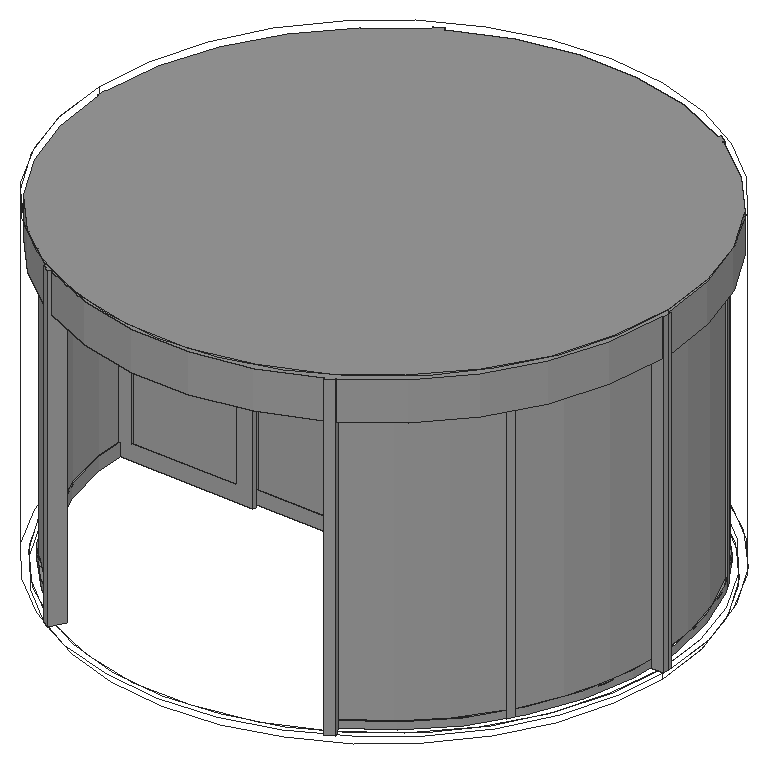
Revit family "RevolvingDoor-dormakaba-KTC_2_Automatic_CurtainPanel", category Türen, Revit 2018
Family settings
  OmniClass-Nummer = 23.30.10.17.21
  OmniClass-Titel = Revolving Doors
  Immer vertikal = Ja
  Beim Laden mit Abzugskörper schneiden = Nein
  Gemeinsam genutzt = Nein
  Raumberechnungspunkt = Nein
Parameters (values of type "D4200 Without Showcase - Stainless Steel Finish")
  Youtube clip = ""
  URL = "http://www.dorma.com/au/en/products/opening_closing/revolving_doors/ktc-2_en/index-16490-16605-29685.html"
  Typenbild = RevolvingDoor-dormakaba-KTC_2_Automatic_WOShowcase_DoorClose.jpg
  Typenkommentare = "Adjust Passage Height (PH) and Canopy Height (CH) to suit"
  Technical description = "https://www.dormakaba.com/resource/blob/179742/3bf65e0c622921a63a9846dfcf28808c/ktc-2-technical-brochure-0813-pdf-data.pdf"
  Sliding Door in OPEN position = not(Sliding Door in CLOSE position)  # no
  Sliding Door in CLOSE position = yes
  Product url = "https://www.dormakaba.com/au-en/products---solutions/products/entrance-systems/revolving-doors/ktc-2-299914"
  Product group = "Revolving Doors"
  Product family = "Doors"
  Product certification = "https://www.dormakaba.com/resource/blob/141262/d8a7a64882db232bbccb94bcdbe00ae8/certificate-ktc-2---din-en-pdf-data.pdf"
  Product SKU = "RD_KTC2"
  Product Brochure = "http://products.dorma.com/content/download/12650/108674/KTC_2_Technical_Brochure_0813.pdf"
  Power Supply = "240V 15Amp Single Phase to the top of canopy"
  Passage Height Range = "2100mm to 3000mm (depending on Internal Diameter, refer Dormakaba catalogue for detail)"
  Passage Height PH (mm) = 2200 mm
  Overall Height H (mm) = Height Limit Control + Canopy Height Limit Control  # 2500 mm
  Nominal width = 0 mm
  Nominal height = 0 mm
  Modell = "KTC-2 Revolving Door"
  Material secondary = "Glass"
  Material main = "Aluminium"
  Manufacturer name = "dormakaba"
  Manufacturer country = "China"
  Hersteller = "dormakaba"
  Internal Diameter Range = "3600, 4200, 4800, 5400mm"
  Internal Diameter Limit Control = if([Internal Diameter D (mm)] < 3600 mm, 3600 mm, if([Internal Diameter D (mm)] > 5400 mm, 5400 mm, [Internal Diameter D (mm)]))  # 4200 mm
  Internal Diameter D (mm) = 4200 mm
  Installation instructions = ""
  Height Limit Control = if([Passage Height PH (mm)] < 2100 mm, 2100 mm, if([Passage Height PH (mm)] > 3000 mm, 3000 mm, [Passage Height PH (mm)]))  # 2200 mm
  Glazing Material = Glass-dormakaba-ClearSafety
  Funktion = Außen
  Finish - Powdercoated Aluminium = not([Finish - Stainless Steel Cladding])  # no
  Finish - Stainless Steel Cladding = yes
  Finish = StainlessSteel-dormakaba-Cladding
  Facade Vertical Opening (mm) = [Overall Height H (mm)] + 40 mm  # 2540 mm
  Facade Opening Clearance Zone = yes
  Facade Horizontal Opening (mm) = [External Diameter B1 (mm)] + 20 mm  # 4466 mm
  External Diameter B1 (mm) = if([Finish - Stainless Steel Cladding], Internal Diameter Limit Control + 246 mm, Internal Diameter Limit Control + 241 mm)  # 4446 mm
  Edition number = 1
  EAN code = ""
  Door Foundation Diameter (mm) = Internal Diameter Limit Control + 165 mm  # 4365 mm
  Door Foundation Clearance Zone = yes
  Design country = "Germany"
  Beschreibung = "Revolving doors two-wing design - A sophisticated entrance system offering both safety and ease of access. High traffic capacity, very effective during peak traffic periods, while also offering unbeatable safety. And there are major additional benefits to be had from the suitability of these doors as display and advertising spaces."
  Date of publishing = ""
  Konstruktionstyp = "Dorma KTC-2 Revolving Door Automatic Operation"
  Clear Opening Width A (mm) = 1618 mm + (Internal Diameter Limit Control - 3600 mm) / 2  # 1918 mm
  Canopy Height Range = "300mm to 700mm"
  Canopy Height Limit Control = if([Canopy Height CH (mm)] < 300 mm, 300 mm, if([Canopy Height CH (mm)] > 700 mm, 700 mm, [Canopy Height CH (mm)]))  # 300 mm
  Canopy Height CH (mm) = 300 mm
  Brand url = "http://www.dormakaba.com"
  Baugruppenkennzeichen = "B2030300"
  With Showcase = not(Without Showcase)  # no
  Without Showcase = yes
Types (13, lengths in mm): name | Typenbild | Internal Diameter Limit Control | Internal Diameter D (mm) | Finish - Powdercoated Aluminium | Finish - Stainless Steel Cladding | Finish | Facade Horizontal Opening (mm) | External Diameter B1 (mm) | Door Foundation Diameter (mm) | Clear Opening Width A (mm) | With Showcase | Without Showcase
  (no name) | RevolvingDoor-dormakaba-KTC_2_Automatic_WOShowcase_DoorClose.jpg | 4200 | 4200 | no | yes | StainlessSteel-dormakaba-Cladding | 4466 | 4446 | 4365 | 1918 | no | yes
  D3600 Without Showcase - Stainless Steel Finish | RevolvingDoor-dormakaba-KTC_2_Automatic_WOShowcase_DoorClose.jpg | 3600 | 3600 | no | yes | StainlessSteel-dormakaba-Cladding | 3866 | 3846 | 3765 | 1618 | no | yes
  D4200 Without Showcase - Stainless Steel Finish | RevolvingDoor-dormakaba-KTC_2_Automatic_WOShowcase_DoorClose.jpg | 4200 | 4200 | no | yes | StainlessSteel-dormakaba-Cladding | 4466 | 4446 | 4365 | 1918 | no | yes
  D3600 With Showcase - Stainless Steel Finish | RevolvingDoor-dormakaba-KTC_2_Automatic_WShowcase_DoorClose.jpg | 3600 | 3600 | no | yes | StainlessSteel-dormakaba-Cladding | 3866 | 3846 | 3765 | 1618 | yes | no
  D4200 With Showcase - Stainless Steel Finish | RevolvingDoor-dormakaba-KTC_2_Automatic_WShowcase_DoorClose.jpg | 4200 | 4200 | no | yes | StainlessSteel-dormakaba-Cladding | 4466 | 4446 | 4365 | 1918 | yes | no
  D4800 With Showcase - Stainless Steel Finish | RevolvingDoor-dormakaba-KTC_2_Automatic_WShowcase_DoorClose.jpg | 4800 | 4800 | no | yes | StainlessSteel-dormakaba-Cladding | 5066 | 5046 | 4965 | 2218 | yes | no
  D5400 With Showcase - Stainless Steel Finish | RevolvingDoor-dormakaba-KTC_2_Automatic_WShowcase_DoorClose.jpg | 5400 | 5400 | no | yes | StainlessSteel-dormakaba-Cladding | 5666 | 5646 | 5565 | 2518 | yes | no
  D3600 With Showcase - Powdercoat Finish | RevolvingDoor-dormakaba-KTC_2_Automatic_WShowcase_DoorClose.jpg | 3600 | 3600 | yes | no | Aluminium-dormakaba-Powdercoated | 3861 | 3841 | 3765 | 1618 | yes | no
  D3600 Without Showcase - Powdercoat Finish | RevolvingDoor-dormakaba-KTC_2_Automatic_WOShowcase_DoorClose.jpg | 3600 | 3600 | yes | no | Aluminium-dormakaba-Powdercoated | 3861 | 3841 | 3765 | 1618 | no | yes
  D4200 With Showcase - Powdercoat Finish | RevolvingDoor-dormakaba-KTC_2_Automatic_WShowcase_DoorClose.jpg | 4200 | 4200 | yes | no | Aluminium-dormakaba-Powdercoated | 4461 | 4441 | 4365 | 1918 | yes | no
  D4200 Without Showcase - Powdercoat Finish | RevolvingDoor-dormakaba-KTC_2_Automatic_WOShowcase_DoorClose.jpg | 4200 | 4200 | yes | no | Aluminium-dormakaba-Powdercoated | 4461 | 4441 | 4365 | 1918 | no | yes
  D4800 With Showcase - Powdercoat Finish | RevolvingDoor-dormakaba-KTC_2_Automatic_WShowcase_DoorClose.jpg | 4800 | 4800 | yes | no | Aluminium-dormakaba-Powdercoated | 5061 | 5041 | 4965 | 2218 | yes | no
  D5400 With Showcase - Powdercoat Finish | RevolvingDoor-dormakaba-KTC_2_Automatic_WShowcase_DoorClose.jpg | 5400 | 5400 | yes | no | Aluminium-dormakaba-Powdercoated | 5661 | 5641 | 5565 | 2518 | yes | no
Reference planes
  plane 1 "Center (Front/Back)": y = 0
  plane 2: z = 0
  plane 3 "Center (Left/Right)": x = 0
  plane 4 "Left": x = -1500
  plane 5 "Right": x = 1500
  plane 6 "Top": z = 4000
Text (mm)
  text "Exterior" at (-2473.113, -575.525, 0), in view "Ref. Level"
  text "Exterior" at (0, 2290.741, 4406.713), in view "Left"
  text "Exterior" at (0, 1328.187, 4120.349), in view "Right"
Dimensions and locks
  equal spacing: plane 4 "Left", plane 3 "Center (Left/Right)", plane 5 "Right"
  aligned and locked: level to plane 2
  aligned and locked: nested 1 to plane 3 "Center (Left/Right)"
  aligned and locked: nested 1 to plane 1 "Center (Front/Back)"
Nested families
  nested 1: "KTC 2  Revolver AUS" at (0, 0, 0), type "KTC 2"
    with Internal Diameter Limit Control 4200 mm, Internal Diameter D (mm) 4200 mm, Facade Horizontal Opening (mm) 4466 mm, External Diameter B1 (mm) 4446 mm, Door Foundation Diameter (mm) 4365 mm, Clear Opening Width A (mm) 1918 mm, Canopy Diameter B2 (mm) 4420 mm
Definition of nested family "KTC 2  Revolver AUS"
  Parameters (values of type "KTC 2")
    URL = "http://www.dorma.com/au/en/products/opening_closing/revolving_doors/ktc-2_en/index-16490-16605-29685.html"
    Type Image = (empty or 0)
    Type Comments = ""
    Sliding Door in OPEN position = not(Sliding Door in CLOSE position)  # no
    Sliding Door in CLOSE position = yes
    Product Brochure = "http://products.dorma.com/content/download/12650/108674/KTC_2_Technical_Brochure_0813.pdf"
    Power Supply = "240V 15Amp Single Phase to the top of canopy"
    Passage Height Range = "2100mm to 3000mm (depending on Internal Diameter, refer Dormakaba catalogue for detail)"
    Passage Height PH (mm) = 2200 mm
    Overall Height H (mm) = Height Limit Control + [Canopy Height CH (mm)]  # 2500 mm
    Model = "KTC 2 Revolving Door"
    Manufacturer = "dormakaba"
    Internal Diameter Range = "3600, 4200, 4800, 5400mm"
    Internal Diameter Limit Control = if([Internal Diameter D (mm)] < 3600 mm, 3600 mm, if([Internal Diameter D (mm)] > 5400 mm, 5400 mm, [Internal Diameter D (mm)]))  # 3600 mm
    Internal Diameter D (mm) = 3600 mm
    Height Limit Control = if([Passage Height PH (mm)] < 2100 mm, 2100 mm, if([Passage Height PH (mm)] > 3000 mm, 3000 mm, [Passage Height PH (mm)]))  # 2200 mm
    Glazing Material = none
    Function = 1
    Finish - Powdercoated Aluminium = not([Finish - Stainless Steel Cladding])  # no
    Finish - Stainless Steel Cladding = yes
    Finish = none
    Facade Vertical Opening (mm) = [Overall Height H (mm)] + 40 mm  # 2540 mm
    Facade Opening Clearance Zone = yes
    Facade Horizontal Opening (mm) = [External Diameter B1 (mm)] + 20 mm  # 3866 mm
    External Diameter B1 (mm) = if([Finish - Stainless Steel Cladding], Internal Diameter Limit Control + 246 mm, Internal Diameter Limit Control + 241 mm)  # 3846 mm
    Door Foundation Diameter (mm) = Internal Diameter Limit Control + 165 mm  # 3765 mm
    Door Foundation Clearance Zone = yes
    Description = "Revolving doors two-wing design - A sophisticated entrance system offering both safety and ease of access. High traffic capacity, very effective during peak traffic periods, while also offering unbeatable safety. And there are major additional benefits to be had from the suitability of these doors as display and advertising spaces."
    Construction Type = "Dorma KTC 2 Revolving Door Automatic Operation"
    Clear Opening Width A (mm) = 1618 mm + (Internal Diameter Limit Control - 3600 mm) / 2  # 1618 mm
    Canopy Height Range = "300mm to 700mm"
    Canopy Height CH (mm) = 300 mm
    Canopy Diameter B2 (mm) = Internal Diameter Limit Control + 220 mm  # 3820 mm
    BIM Version = "V17.11.17 - LK"
    Assembly Code = "B2030300"
    Analytic Construction = "<None>"
    With Showcase = not(Without Showcase)  # no
    Without Showcase = yes
  Reference planes
    plane 1 "Center (Front/Back)": y = 0
    plane 2: z = 0
    plane 3 "Center (Left/Right)": x = 0
    plane 4 "Ceiling": z = 2200
    plane 5 "Roof": z = 2500
  Forms (mm)
    Extrusion 1, solid, material <- "Finish"
      sketch origin (0, 0, 0) x (1, 0, 0) y (0, 1, 0)
        loop
          line (1798, -36.5) -> (1923, -36.5) -> (1923, 36.5) -> (1798, 36.5) -> (1798, -36.5)
        loop
          line (-1923, 36.5) -> (-1923, -36.5) -> (-1798, -36.5) -> (-1798, 36.5) -> (-1923, 36.5)
        loop
          line (-931.89, -1687.081) -> (-868.39, -1577.096) -> (-931.61, -1540.596) -> (-995.11, -1650.581) -> (-931.89, -1687.081)
        loop
          line (931.89, -1687.081) -> (995.11, -1650.581) -> (931.61, -1540.596) -> (868.39, -1577.096) -> (931.89, -1687.081)
        loop
          line (-931.89, 1687.081) -> (-995.11, 1650.581) -> (-931.61, 1540.596) -> (-868.39, 1577.096) -> (-931.89, 1687.081)
        loop
          line (931.89, 1687.081) -> (868.39, 1577.096) -> (931.61, 1540.596) -> (995.11, 1650.581) -> (931.89, 1687.081)
      from 0 to 2500 <- "Overall Height H (mm)"
    Extrusion 2, solid, visible <- "Door Foundation Clearance Zone"
      sketch origin (0, 0, 0) x (1, 0, 0) y (0, 1, 0)
        loop
          circle (0, 0) r 1882.5
      from 0 to -80
    Extrusion 3, solid, visible <- "Facade Opening Clearance Zone"
      sketch origin (0, 0, 0) x (1, 0, 0) y (0, 1, 0)
        loop
          circle (0, 0) r 1933
      from 0 to 2540 <- "Facade Vertical Opening (mm)"
    Extrusion 4, solid, material <- "Finish"
      sketch origin (0, 0, 2200) x (-1, 0, 0) y (0, -1, 0)
        loop
          circle (0, 0) r 1910
      from 0 to 300 <- "Canopy Height CH (mm)"
    Extrusion 5, solid, material <- "Finish"
      sketch origin (0, 0, 0) x (1, 0, 0) y (0, 1, 0)
        loop
          line (-1545.096, -923.816) -> (-1572.596, -876.184) -> (-1600.309, -892.184) -> (-1572.809, -939.816) -> (-1545.096, -923.816)
        loop
          line (1545.096, -923.816) -> (1572.809, -939.816) -> (1600.309, -892.184) -> (1572.596, -876.184) -> (1545.096, -923.816)
        loop
          line (-1545.096, 923.816) -> (-1572.809, 939.816) -> (-1600.309, 892.184) -> (-1572.596, 876.184) -> (-1545.096, 923.816)
        loop
          line (1545.096, 923.816) -> (1572.596, 876.184) -> (1600.309, 892.184) -> (1572.809, 939.816) -> (1545.096, 923.816)
      from 0 to 2200 <- "Height Limit Control"
    Extrusion 6, solid, material <- "Finish"
      sketch origin (0, 0, 0) x (1, 0, 0) y (0, 1, 0)
        loop
          line (-900, 1558.846) -> (-916, 1586.559)
          arc (-916, 1586.559) -> (-1832, 0) -> (-916, -1586.559) r 1832
          line (-916, -1586.559) -> (-900, -1558.846)
          arc (-900, -1558.846) -> (-1800, 0) -> (-900, 1558.846) r 1800
        loop
          arc (900, 1558.846) -> (1800, 0) -> (900, -1558.846) r 1800
          line (900, -1558.846) -> (916, -1586.559)
          arc (916, -1586.559) -> (1832, 0) -> (916, 1586.559) r 1832
          line (916, 1586.559) -> (900, 1558.846)
      from 0 to 55
    Extrusion 7, solid, material <- "Glazing Material"
      sketch origin (0, 0, 0) x (1, 0, 0) y (0, 1, 0)
        loop
          line (-1551.843, -927.711) -> (-1559.638, -932.212)
          arc (-1559.638, -932.212) -> (-1287.992, -1281.627) -> (-939.927, -1555.001) r 1817
          line (-939.927, -1555.001) -> (-935.426, -1547.205)
          arc (-935.426, -1547.205) -> (-1281.628, -1275.263) -> (-1551.843, -927.711) r 1808
        loop
          line (-1807.632, -36.5) -> (-1816.633, -36.5)
          arc (-1816.633, -36.5) -> (-1753.917, -474.62) -> (-1587.138, -884.58) r 1817
          line (-1587.138, -884.58) -> (-1579.343, -880.08)
          arc (-1579.343, -880.08) -> (-1745.224, -472.291) -> (-1807.632, -36.5) r 1808
        loop
          arc (1551.843, -927.711) -> (1281.628, -1275.263) -> (935.426, -1547.205) r 1808
          line (935.426, -1547.205) -> (939.927, -1555.001)
          arc (939.927, -1555.001) -> (1287.992, -1281.627) -> (1559.638, -932.212) r 1817
          line (1559.638, -932.212) -> (1551.843, -927.711)
        loop
          arc (1807.632, -36.5) -> (1745.224, -472.291) -> (1579.343, -880.08) r 1808
          line (1579.343, -880.08) -> (1587.138, -884.58)
          arc (1587.138, -884.58) -> (1753.917, -474.62) -> (1816.633, -36.5) r 1817
          line (1816.633, -36.5) -> (1807.632, -36.5)
        loop
          arc (-1551.843, 927.711) -> (-1281.628, 1275.263) -> (-935.426, 1547.205) r 1808
          line (-935.426, 1547.205) -> (-939.927, 1555.001)
          arc (-939.927, 1555.001) -> (-1287.992, 1281.627) -> (-1559.638, 932.212) r 1817
          line (-1559.638, 932.212) -> (-1551.843, 927.711)
        loop
          arc (-1807.632, 36.5) -> (-1745.224, 472.291) -> (-1579.343, 880.08) r 1808
          line (-1579.343, 880.08) -> (-1587.138, 884.58)
          arc (-1587.138, 884.58) -> (-1753.917, 474.62) -> (-1816.633, 36.5) r 1817
          line (-1816.633, 36.5) -> (-1807.632, 36.5)
        loop
          line (1551.843, 927.711) -> (1559.638, 932.212)
          arc (1559.638, 932.212) -> (1287.992, 1281.627) -> (939.927, 1555.001) r 1817
          line (939.927, 1555.001) -> (935.426, 1547.205)
          arc (935.426, 1547.205) -> (1281.628, 1275.263) -> (1551.843, 927.711) r 1808
        loop
          line (1807.632, 36.5) -> (1816.633, 36.5)
          arc (1816.633, 36.5) -> (1753.917, 474.62) -> (1587.138, 884.58) r 1817
          line (1587.138, 884.58) -> (1579.343, 880.08)
          arc (1579.343, 880.08) -> (1745.224, 472.291) -> (1807.632, 36.5) r 1808
      from 55 to 2200 <- "Height Limit Control"
    Extrusion 8, solid, material <- "Finish"
      sketch origin (0, 0, 0) x (1, 0, 0) y (0, 1, 0)
        loop
          arc (-1595.102, 743.808) -> (-1758.325, -76.77) -> (-1524.205, -880) r 1760
          line (-1524.205, -880) -> (-1501.688, -867)
          arc (-1501.688, -867) -> (-1732.35, -75.636) -> (-1571.538, 732.82) r 1734
          line (-1571.538, 732.82) -> (-1595.102, 743.808)
        loop
          line (1524.205, 880) -> (1501.688, 867)
          arc (1501.688, 867) -> (1732.35, 75.636) -> (1571.538, -732.82) r 1734
          line (1571.538, -732.82) -> (1595.102, -743.808)
          arc (1595.102, -743.808) -> (1758.325, 76.77) -> (1524.205, 880) r 1760
      from 40 to 140
    Extrusion 9, solid, material <- "Finish"
      sketch origin (0, 0, 2200) x (-1, 0, 0) y (0, -1, 0)
        loop
          line (1571.538, -732.82) -> (1595.102, -743.808)
          arc (1595.102, -743.808) -> (1758.325, 76.77) -> (1524.205, 880) r 1760
          line (1524.205, 880) -> (1501.688, 867)
          arc (1501.688, 867) -> (1732.35, 75.636) -> (1571.538, -732.82) r 1734
        loop
          line (-1571.538, 732.82) -> (-1595.102, 743.808)
          arc (-1595.102, 743.808) -> (-1758.325, -76.77) -> (-1524.205, -880) r 1760
          line (-1524.205, -880) -> (-1501.688, -867)
          arc (-1501.688, -867) -> (-1732.35, -75.636) -> (-1571.538, 732.82) r 1734
      from 0 to -100
    Extrusion 10, solid, material <- "Finish"
      sketch origin (0, 0, 0) x (1, 0, 0) y (0, 1, 0)
        loop
          line (-1571.538, 732.82) -> (-1595.102, 743.808)
          arc (-1595.102, 743.808) -> (-1611.599, 707.354) -> (-1627.262, 670.535) r 1760
          line (-1627.262, 670.535) -> (-1603.674, 659.535)
          arc (-1603.674, 659.535) -> (-1588.029, 696.363) -> (-1571.538, 732.82) r 1734
        loop
          line (-1524.205, -880) -> (-1501.688, -867)
          arc (-1501.688, -867) -> (-1521.294, -832.119) -> (-1540.089, -796.795) r 1734
          line (-1540.089, -796.795) -> (-1562.629, -809.808)
          arc (-1562.629, -809.808) -> (-1543.816, -845.123) -> (-1524.205, -880) r 1760
        loop
          line (1524.205, 880) -> (1501.688, 867)
          arc (1501.688, 867) -> (1521.294, 832.119) -> (1540.089, 796.795) r 1734
          line (1540.089, 796.795) -> (1562.629, 809.808)
          arc (1562.629, 809.808) -> (1543.816, 845.123) -> (1524.205, 880) r 1760
        loop
          line (1571.538, -732.82) -> (1595.102, -743.808)
          arc (1595.102, -743.808) -> (1611.599, -707.354) -> (1627.262, -670.535) r 1760
          line (1627.262, -670.535) -> (1603.674, -659.535)
          arc (1603.674, -659.535) -> (1588.029, -696.363) -> (1571.538, -732.82) r 1734
      from 40 to 2200 <- "Height Limit Control"
    Extrusion 11, solid, material <- "Glazing Material"
      sketch origin (0, 0, 0) x (1, 0, 0) y (0, 1, 0)
        loop
          line (-1612.746, 663.766) -> (-1618.19, 666.304)
          arc (-1618.19, 666.304) -> (-1748.334, -76.334) -> (-1553.96, -804.803) r 1750
          line (-1553.96, -804.803) -> (-1548.758, -801.8)
          arc (-1548.758, -801.8) -> (-1742.34, -76.072) -> (-1612.746, 663.766) r 1744
        loop
          arc (1548.758, 801.8) -> (1742.34, 76.072) -> (1612.746, -663.766) r 1744
          line (1612.746, -663.766) -> (1618.19, -666.304)
          arc (1618.19, -666.304) -> (1748.334, 76.334) -> (1553.96, 804.803) r 1750
          line (1553.96, 804.803) -> (1548.758, 801.8)
      from 140 to 2200 <- "Height Limit Control"
    Extrusion 12, solid, material <- "Finish"
      sketch origin (0, 0, 0) x (1, 0, 0) y (0, 1, 0)
        loop
          line (-827.5, -42) -> (-1733.491, -42)
          arc (-1733.491, -42) -> (-1733.127, -55.002) -> (-1732.666, -68) r 1734
          line (-1732.666, -68) -> (-827.5, -68) -> (-827.5, -42)
        loop
          line (827.5, 42) -> (1733.491, 42)
          arc (1733.491, 42) -> (1733.127, 55.002) -> (1732.666, 68) r 1734
          line (1732.666, 68) -> (827.5, 68) -> (827.5, 42)
      from 40 to 164
    Extrusion 13, solid, material <- "Finish"
      sketch origin (0, 0, 2200) x (-1, 0, 0) y (0, -1, 0)
        loop
          arc (1733.491, 42) -> (1733.127, 55.002) -> (1732.666, 68) r 1734
          line (1732.666, 68) -> (827.5, 68) -> (827.5, 42) -> (1733.491, 42)
        loop
          line (-827.5, -42) -> (-1733.491, -42)
          arc (-1733.491, -42) -> (-1733.127, -55.002) -> (-1732.666, -68) r 1734
          line (-1732.666, -68) -> (-827.5, -68) -> (-827.5, -42)
      from 0 to -124
    Extrusion 14, solid, material <- "Finish"
      sketch origin (0, 0, 0) x (1, 0, 0) y (0, 1, 0)
        loop
          line (-953.5, -42) -> (-953.5, -68) -> (-827.5, -68) -> (-827.5, -42) -> (-953.5, -42)
        loop
          arc (-1733.491, -42) -> (-1733.127, -55.002) -> (-1732.666, -68) r 1734
          line (-1732.666, -68) -> (-1625.491, -68) -> (-1625.491, -42) -> (-1733.491, -42)
        loop
          line (827.5, 42) -> (953.5, 42) -> (953.5, 68) -> (827.5, 68) -> (827.5, 42)
        loop
          line (1732.666, 68) -> (1625.491, 68) -> (1625.491, 42) -> (1733.491, 42)
          arc (1733.491, 42) -> (1733.127, 55.002) -> (1732.666, 68) r 1734
      from 40 to 2200 <- "Height Limit Control"
    Extrusion 15, solid, material <- "Glazing Material"
      sketch origin (0, 0, 0) x (1, 0, 0) y (0, 1, 0)
        loop
          line (-1625.491, -58) -> (-953.5, -58) -> (-953.5, -52) -> (-1625.491, -52) -> (-1625.491, -58)
        loop
          line (953.5, 52) -> (1625.491, 52) -> (1625.491, 58) -> (953.5, 58) -> (953.5, 52)
      from 164 to 2200 <- "Height Limit Control"
    Extrusion 16, solid, material <- "Finish", visible <- "With Showcase"
      sketch origin (0, 0, 0) x (1, 0, 0) y (0, 1, 0)
        loop
          line (-841.414, -77.168) -> (-873.348, -72.11) -> (-1498.737, -844.401) -> (-1487.15, -874.585) -> (-841.414, -77.168)
        loop
          line (838.817, 76.906) -> (870.751, 71.848) -> (1497.495, 845.813) -> (1485.908, 875.997) -> (838.817, 76.906)
      from 40 to 140
    Extrusion 17, solid, material <- "Finish", visible <- "With Showcase"
      sketch origin (0, 0, 2200) x (-1, 0, 0) y (0, -1, 0)
        loop
          line (1498.737, 844.401) -> (1487.15, 874.585) -> (841.414, 77.168) -> (873.348, 72.11) -> (1498.737, 844.401)
        loop
          line (-1497.495, -845.813) -> (-1485.908, -875.997) -> (-838.817, -76.906) -> (-870.751, -71.848) -> (-1497.495, -845.813)
      from 0 to -100
    Extrusion 18, solid, material <- "Finish", visible <- "With Showcase"
      sketch origin (0, 0, 0) x (1, 0, 0) y (0, 1, 0)
        loop
          line (-1498.737, -844.401) -> (-1487.15, -874.585) -> (-1453.167, -832.619) -> (-1474.927, -814.998) -> (-1498.737, -844.401)
        loop
          line (-841.414, -77.168) -> (-873.348, -72.11) -> (-897.157, -101.513) -> (-875.397, -119.134) -> (-841.414, -77.168)
        loop
          line (1497.495, 845.813) -> (1485.908, 875.997) -> (1451.925, 834.031) -> (1473.685, 816.41) -> (1497.495, 845.813)
        loop
          line (838.817, 76.906) -> (870.751, 71.848) -> (894.56, 101.251) -> (872.8, 118.872) -> (838.817, 76.906)
      from 40 to 2200 <- "Height Limit Control"
    Extrusion 19, solid, material <- "Glazing Material", visible <- "With Showcase"
      sketch origin (0, 0, 0) x (1, 0, 0) y (0, 1, 0)
        loop
          line (-888.609, -108.435) -> (-1466.378, -821.921) -> (-1461.715, -825.697) -> (-883.946, -112.211) -> (-888.609, -108.435)
        loop
          line (1460.473, 827.109) -> (881.349, 111.949) -> (886.012, 108.174) -> (1465.136, 823.333) -> (1460.473, 827.109)
      from 140 to 2200 <- "Height Limit Control"
  Cuts and joins
    joined: Extrusion 1, Extrusion 4
    joined: Extrusion 8, Extrusion 9, Extrusion 10
    joined: Extrusion 12, Extrusion 13, Extrusion 14
    joined: Extrusion 16, Extrusion 17, Extrusion 18
  Lines and regions (mm)
    reference lines
      curve 1: circle (0, 0, 0) r 1923 normal (0, 0, 1)
      curve 2: circle (0, 0, 0) r 1800 normal (0, 0, 1)
    symbolic lines
      curve 3: line (1933, 0, 0) -> (1933, 0, 2540)
      curve 4: line (1933, 0, 2540) -> (-1933, 0, 2540)
      curve 5: line (-1933, 0, 2540) -> (-1933, 0, 0)
    symbolic lines, not visible
      curve 6: line (0, 0, 2200) -> (-1800, -3117.691, 2200)
      curve 7: line (0, 0, 2200) -> (1880, -3256.256, 2200)
      curve 8: line (0, 0, 2200) -> (-3717.421, -2146.254, 2200)
      curve 9: line (0, 0, 2200) -> (3897.114, -2250, 2200)
      curve 10: line (0, 0, 2200) -> (-1800, 3117.691, 2200)
      curve 11: line (0, 0, 2200) -> (1880, 3256.256, 2200)
      curve 12: line (0, 0, 2200) -> (-3717.421, 2146.254, 2200)
      curve 13: line (0, 0, 2200) -> (3897.114, 2250, 2200)
      curve 14: line (0, 0, 0) -> (-3919.549, 1827.716, 0)
      curve 15: line (0, 0, 0) -> (3897.123, -1817.259, 0)
      curve 16: line (-809, 1088.13, 0) -> (-809, -880.76, 0)
      curve 17: line (-809, -880.76, 0) -> (809, 916.211, 0)
      curve 18: line (809, 916.211, 0) -> (809, -1031.87, 0)
  Dimensions and locks
    locked: Extrusion 1 sketch curve to Extrusion 1 sketch curve at 125  (x2)
    locked: Extrusion 1 sketch curve to Extrusion 1 sketch curve at 73  (x6)
    locked: Extrusion 1 sketch curve to curve 1  (x2)
    locked: Extrusion 1 sketch curve to plane 1 "Center (Front/Back)" at 36.5
    locked: plane 1 "Center (Front/Back)" to Extrusion 1 sketch curve at 36.5
    "Canopy Height CH (mm)": plane 5 "Roof" to plane 4 "Ceiling"
    "Height Limit Control": plane 4 "Ceiling" to level
    "Facade Horizontal Opening (mm)": curve 5 to curve 3
    equal spacing: curve 5, plane 3 "Center (Left/Right)", curve 3
    "Facade Vertical Opening (mm)": Extrusion 3 to curve 4
    locked: Extrusion 1 sketch curve to curve 6 at 36.5
    locked: Extrusion 1 sketch curve to Extrusion 1 sketch curve at 127  (x4)
    locked: curve 2 to Extrusion 1 sketch curve at 0
    locked: curve 7 to Extrusion 1 sketch curve at 36.5
    locked: Extrusion 1 sketch curve to curve 2 at 0  (x3)
    locked: curve 10 to Extrusion 1 sketch curve at 36.5
    locked: Extrusion 1 sketch curve to curve 11 at 36.5
    locked: Extrusion 5 sketch curve to curve 8 at 27.5
    locked: Extrusion 5 sketch curve to Extrusion 5 sketch curve at 55  (x4)
    locked: Extrusion 5 sketch curve to Extrusion 5 sketch curve at 32  (x4)
    locked: curve 2 to Extrusion 5 sketch curve at 0
    locked: curve 9 to Extrusion 5 sketch curve at 27.5
    locked: Extrusion 5 sketch curve to curve 2
    locked: Extrusion 5 sketch curve to curve 13 at 27.5
    locked: Extrusion 5 sketch curve to curve 2 at 0  (x2)
    locked: curve 12 to Extrusion 5 sketch curve at 27.5
    locked: cut or joined group of Extrusion 1, Extrusion 4 to Extrusion 6 sketch curve at 32  (x2)
    locked: cut or joined group of Extrusion 1, Extrusion 4 to Extrusion 7 sketch curve at 8  (x4)
    locked: cut or joined group of Extrusion 1, Extrusion 4 to Extrusion 7 sketch curve at 17  (x4)
    locked: Extrusion 7 sketch curve to cut or joined group of Extrusion 1, Extrusion 4 at 10  (x2)
    locked: Extrusion 7 sketch curve to cut or joined group of Extrusion 1, Extrusion 4 at 19  (x2)
    locked: cut or joined group of Extrusion 1, Extrusion 4 to Extrusion 7 sketch curve at 10  (x2)
    locked: cut or joined group of Extrusion 1, Extrusion 4 to Extrusion 7 sketch curve at 19  (x2)
    locked: cut or joined group of Extrusion 1, Extrusion 4 to Extrusion 8 sketch curve at 38
    locked: cut or joined group of Extrusion 1, Extrusion 4 to Extrusion 8 sketch curve at 64
    locked: Extrusion 8 sketch curve to cut or joined group of Extrusion 1, Extrusion 4 at 38
    locked: Extrusion 8 sketch curve to cut or joined group of Extrusion 1, Extrusion 4 at 64
    locked: Extrusion 10 sketch curve to Extrusion 8 at 80
    locked: Extrusion 8 to Extrusion 10 sketch curve at 80  (x3)
    locked: cut or joined group of Extrusion 1, Extrusion 4 to Extrusion 11 sketch curve at 48
    locked: cut or joined group of Extrusion 1, Extrusion 4 to Extrusion 11 sketch curve at 54
    locked: Extrusion 11 sketch curve to cut or joined group of Extrusion 1, Extrusion 4 at 48
    locked: Extrusion 11 sketch curve to cut or joined group of Extrusion 1, Extrusion 4 at 54
    equal spacing: curve 16, plane 3 "Center (Left/Right)", curve 18
    "Clear Opening Width A (mm)": curve 16 to curve 18
    locked: plane 1 "Center (Front/Back)" to Extrusion 12 sketch curve at 42  (x2)
    locked: Extrusion 12 sketch curve to Extrusion 12 sketch curve at 26  (x2)
    locked: Extrusion 12 sketch curve to curve 16 at 18.5
    locked: curve 18 to Extrusion 12 sketch curve at 18.5
    locked: Extrusion 14 sketch curve to Extrusion 12 at 126
    locked: Extrusion 14 sketch curve to Extrusion 14 sketch curve at 108  (x2)
    locked: Extrusion 12 to Extrusion 14 sketch curve at 126
    locked: cut or joined group of Extrusion 12, Extrusion 13, Extrusion 14 to Extrusion 15 sketch curve at 10  (x2)
    locked: Extrusion 15 sketch curve to Extrusion 15 sketch curve at 6  (x2)
    locked: Extrusion 16 sketch curve to Extrusion 5 at 74.798
    locked: Extrusion 16 sketch curve to cut or joined group of Extrusion 12, Extrusion 13, Extrusion 14 at 9.168
    locked: Extrusion 16 sketch curve to Extrusion 16 sketch curve at 28  (x2)
    locked: Extrusion 16 sketch curve to Extrusion 5 at 75.167
    locked: Extrusion 16 sketch curve to cut or joined group of Extrusion 12, Extrusion 13, Extrusion 14 at 8.906
    locked: Extrusion 18 sketch curve to Extrusion 18 sketch curve at 54  (x4)
    locked: cut or joined group of Extrusion 16, Extrusion 17, Extrusion 18 to Extrusion 19 sketch curve at 11  (x3)
    locked: Extrusion 19 sketch curve to cut or joined group of Extrusion 16, Extrusion 17, Extrusion 18 at 11
    locked: Extrusion 16 sketch curve to cut or joined group of Extrusion 12, Extrusion 13, Extrusion 14 at 13.914
    locked: cut or joined group of Extrusion 12, Extrusion 13, Extrusion 14 to Extrusion 16 sketch curve at 11.317
    "Internal Diameter Limit Control": diameter of curve 2
    "Door Foundation Diameter (mm)": diameter of Extrusion 2 sketch curve
    "Facade Horizontal Opening (mm)": diameter of Extrusion 3 sketch curve
    "External Diameter B1 (mm)": diameter of curve 1
    "Canopy Diameter B2 (mm)": diameter of Extrusion 4 sketch curve
    locked: curve 6 to plane 3 "Center (Left/Right)" (angle 30.00°)
    locked: plane 3 "Center (Left/Right)" to curve 7 (angle 30.00°)
    locked: plane 1 "Center (Front/Back)" to curve 8 (angle 30.00°)
    locked: curve 9 to plane 1 "Center (Front/Back)" (angle 30.00°)
    locked: curve 12 to plane 1 "Center (Front/Back)" (angle 30.00°)
    locked: plane 1 "Center (Front/Back)" to curve 13 (angle 30.00°)
    locked: plane 3 "Center (Left/Right)" to curve 10 (angle 30.00°)
    locked: curve 11 to plane 3 "Center (Left/Right)" (angle 30.00°)
    locked: curve 12 to curve 14 (angle 5.00°)
    locked: curve 9 to curve 15 (angle 5.00°)
    locked: cut or joined group of Extrusion 12, Extrusion 13, Extrusion 14 to Extrusion 16 sketch curve (angle 51.00°)  (x2)
    locked: Extrusion 16 sketch curve to cut or joined group of Extrusion 12, Extrusion 13, Extrusion 14 (angle 9.00°)  (x2)
    locked: Extrusion 16 sketch curve to Extrusion 5 (angle 9.00°)  (x2)
    aligned and locked: level to plane 2
    aligned and locked: Extrusion 6 sketch curve to curve 6
    aligned and locked: Extrusion 6 sketch curve to curve 10
    aligned and locked: Extrusion 6 sketch curve to curve 11
    aligned and locked: Extrusion 6 sketch curve to curve 7
    aligned and locked: Extrusion 6 sketch curve to curve 2  (x2)
    aligned and locked: Extrusion 7 sketch curve to cut or joined group of Extrusion 1, Extrusion 4  (x4)
    aligned and locked: Extrusion 5 to Extrusion 7 sketch curve  (x4)
    aligned and locked: Extrusion 7 sketch curve to Extrusion 5  (x4)
    aligned and locked: cut or joined group of Extrusion 1, Extrusion 4 to Extrusion 7 sketch curve  (x4)
    aligned and locked: Extrusion 8 sketch curve to curve 14
    aligned and locked: Extrusion 8 sketch curve to curve 8
    aligned and locked: Extrusion 8 sketch curve to curve 13
    aligned and locked: Extrusion 8 sketch curve to curve 15
    aligned and locked: Extrusion 9 sketch curve to Extrusion 8  (x8)
    aligned and locked: Extrusion 10 sketch curve to Extrusion 8  (x12)
    aligned and locked: Extrusion 11 sketch curve to cut or joined group of Extrusion 8, Extrusion 9, Extrusion 10  (x2)
    aligned and locked: cut or joined group of Extrusion 8, Extrusion 9, Extrusion 10 to Extrusion 11 sketch curve  (x2)
    aligned and locked: Extrusion 12 sketch curve to cut or joined group of Extrusion 8, Extrusion 9, Extrusion 10  (x2)
    aligned and locked: Extrusion 13 sketch curve to Extrusion 12  (x8)
    aligned and locked: Extrusion 14 sketch curve to Extrusion 12  (x8)
    aligned and locked: Extrusion 12 to Extrusion 14 sketch curve  (x2)
    aligned and locked: Extrusion 15 sketch curve to cut or joined group of Extrusion 12, Extrusion 13, Extrusion 14  (x4)
    aligned and locked: Extrusion 17 sketch curve to Extrusion 16  (x8)
    aligned and locked: Extrusion 18 sketch curve to Extrusion 16  (x8)
    aligned and locked: Extrusion 16 to Extrusion 18 sketch curve  (x4)
    aligned and locked: cut or joined group of Extrusion 16, Extrusion 17, Extrusion 18 to Extrusion 19 sketch curve  (x4)
    aligned and locked: nested 1 to plane 1 "Center (Front/Back)"
    aligned and locked: nested 1 to plane 3 "Center (Left/Right)"
  Automatic sketch dimensions
    curve 1 to curve 2 = 0 mm  (x2)
    plane 1 "Center (Front/Back)" to curve 2 = 0 mm
    curve 2 to plane 3 "Center (Left/Right)" = 0 mm
    plane 1 "Center (Front/Back)" to Extrusion 2 sketch curve = 0 mm
    Extrusion 2 sketch curve to plane 3 "Center (Left/Right)" = 0 mm
    plane 1 "Center (Front/Back)" to Extrusion 3 sketch curve = 0 mm
    Extrusion 3 sketch curve to plane 3 "Center (Left/Right)" = 0 mm
    curve 5 to level = 0 mm
    curve 3 to level = 0 mm
    plane 1 "Center (Front/Back)" to Extrusion 4 sketch curve = 0 mm
    Extrusion 4 sketch curve to plane 3 "Center (Left/Right)" = 0 mm
    plane 1 "Center (Front/Back)" to curve 7 = 0 mm
    curve 7 to plane 3 "Center (Left/Right)" = 0 mm
    Extrusion 6 sketch curve to Extrusion 6 sketch curve = 0 mm  (x6)
    Extrusion 7 sketch curve to Extrusion 7 sketch curve = 0 mm  (x33)
    Extrusion 7 sketch curve to plane 3 "Center (Left/Right)" = 0 mm
    Extrusion 8 sketch curve to Extrusion 8 sketch curve = 0 mm  (x8)
    plane 1 "Center (Front/Back)" to Extrusion 8 sketch curve = 0 mm
    Extrusion 8 sketch curve to plane 3 "Center (Left/Right)" = 0 mm
    Extrusion 11 sketch curve to Extrusion 11 sketch curve = 0 mm  (x10)
    plane 1 "Center (Front/Back)" to Extrusion 11 sketch curve = 0 mm
    Extrusion 11 sketch curve to plane 3 "Center (Left/Right)" = 0 mm
    plane 1 "Center (Front/Back)" to curve 15 = 0 mm
    curve 15 to plane 3 "Center (Left/Right)" = 0 mm
    plane 1 "Center (Front/Back)" to curve 17 = 880.76 mm
    plane 1 "Center (Front/Back)" to curve 18 = 1031.87 mm
    curve 17 to plane 1 "Center (Front/Back)" = 916.211 mm
    curve 16 to plane 1 "Center (Front/Back)" = 1088.13 mm
    Extrusion 14 sketch curve to Extrusion 14 sketch curve = 0.825 mm
    Extrusion 14 sketch curve to Extrusion 14 sketch curve = 26 mm
  Nested families
    nested 1: "KTC 2 Door Leaf" at (0, 0, 0), type "KTC 2 Door Leaf"
  Definition of nested family "KTC 2 Door Leaf"
    Parameters (values of type "KTC 2 Door Leaf")
      URL = ""
      Type Image = (empty or 0)
      Type Comments = ""
      Sliding Door in OPEN position = not(Sliding Door in CLOSE position)  # no
      Sliding Door in CLOSE position = yes
      Sliding Door Position = if(Sliding Door in CLOSE position, 10 mm, [Clear Opening Width A (mm)])  # 10 mm
      Passage Height PH (mm) = 2200 mm
      Overall Height H (mm) = Height Limit Control + [Canopy Height CH (mm)]  # 2500 mm
      Model = ""
      Manufacturer = "dormakaba"
      Internal Diameter Limit Control = if([Internal Diameter D (mm)] < 3600 mm, 3600 mm, if([Internal Diameter D (mm)] > 5400 mm, 5400 mm, [Internal Diameter D (mm)]))  # 3600 mm
      Internal Diameter D (mm) = 3600 mm
      Height Limit Control = if([Passage Height PH (mm)] < 2100 mm, 2100 mm, if([Passage Height PH (mm)] > 3000 mm, 3000 mm, [Passage Height PH (mm)]))  # 2200 mm
      Glazing Material = none
      Finsih = none
      Finish - Powdercoated Aluminium = not([Finish - Stainless Steel Cladding])  # no
      Finish - Stainless Steel Cladding = yes
      Facade Vertical Opening (mm) = [Overall Height H (mm)] + 40 mm  # 2540 mm
      Facade Horizontal Opening (mm) = [External Diameter B1 (mm)] + 20 mm  # 3866 mm
      External Diameter B1 (mm) = if([Finish - Stainless Steel Cladding], Internal Diameter Limit Control + 246 mm, Internal Diameter Limit Control + 241 mm)  # 3846 mm
      Sliding Door Width = [Clear Opening Width A (mm)] / 2 + 66 mm - 5 mm  # 870 mm
      Door Foundation Diameter (mm) = Internal Diameter Limit Control + 165 mm  # 3765 mm
      Description = ""
      Construction Type = ""
      Clear Opening Width A (mm) = 1618 mm
      Canopy Height CH (mm) = 300 mm
      Canopy Diameter B2 (mm) = Internal Diameter Limit Control + 220 mm  # 3820 mm
      Assembly Code = ""
    Reference planes
      plane 1 "Center (Front/Back)": y = 0
      plane 2: z = 0
      plane 3 "Center (Left/Right)": x = 0
      plane 4 "Ceiling": z = 2200
      plane 5 "Roof": z = 2500
    Forms (mm)
      Extrusion 1, solid, material <- "Finsih"
        sketch origin (0, 0, 0) x (1, 0, 0) y (0, 0, 1)
          loop
            line (-875, 2200) -> (-875, 45) -> (-5, 45) -> (-5, 2200) -> (-875, 2200)
          loop
            line (-840, 2100) -> (-840, 145) -> (-40, 145) -> (-40, 2100) -> (-840, 2100)
          loop
            line (875, 2200) -> (5, 2200) -> (5, 45) -> (875, 45) -> (875, 2200)
          loop
            line (840, 2100) -> (40, 2100) -> (40, 145) -> (840, 145) -> (840, 2100)
        from 15 to -15
      Extrusion 2, solid, material <- "Glazing Material"
        sketch origin (0, 0, 0) x (1, 0, 0) y (0, 0, 1)
          loop
            line (-840, 2100) -> (-840, 145) -> (-40, 145) -> (-40, 2100) -> (-840, 2100)
          loop
            line (40, 2100) -> (40, 145) -> (840, 145) -> (840, 2100) -> (40, 2100)
        from 3 to -3
    Lines and regions (mm)
      reference lines
        curve 1: circle (0, 0, 0) r 1923 normal (0, 0, 1)
        curve 2: circle (0, 0, 0) r 1800 normal (0, 0, 1)
      symbolic lines, not visible
        curve 3: line (1933, 0, 0) -> (1933, 0, 2540)
        curve 4: line (1933, 0, 2540) -> (-1933, 0, 2540)
        curve 5: line (-1933, 0, 2540) -> (-1933, 0, 0)
      symbolic lines
        curve 6: line (-809, 0, 2803.486) -> (-809, 0, -1676.514)
        curve 7: line (809, 0, 2803.486) -> (809, 0, -1676.514)
    Dimensions and locks
      "Canopy Height CH (mm)": plane 5 "Roof" to plane 4 "Ceiling"
      "Height Limit Control": plane 4 "Ceiling" to level
      "Facade Horizontal Opening (mm)": curve 5 to curve 3
      equal spacing: curve 5, plane 3 "Center (Left/Right)", curve 3
      "Facade Vertical Opening (mm)": curve 4 to level
      equal spacing: curve 6, plane 3 "Center (Left/Right)", curve 7
      locked: curve 6 to curve 7 at 1618
      locked: Extrusion 1 sketch curve to Extrusion 1 sketch curve at 35  (x4)
      locked: Extrusion 1 sketch curve to curve 2 at 45  (x2)
      locked: Extrusion 1 sketch curve to Extrusion 1 sketch curve at 100  (x4)
      "Sliding Door Width": Extrusion 1 sketch curve to Extrusion 1 sketch curve  (x2)
      equal spacing: Extrusion 1 sketch curve, plane 3 "Center (Left/Right)", Extrusion 1 sketch curve
      "Sliding Door Position": Extrusion 1 sketch curve to Extrusion 1 sketch curve
      "Internal Diameter Limit Control": diameter of curve 2
      "External Diameter B1 (mm)": diameter of curve 1
      aligned and locked: level to plane 2
      aligned and locked: Extrusion 1 sketch curve to plane 4 "Ceiling"
      aligned and locked: Extrusion 1 to Extrusion 2 sketch curve  (x4)
      aligned and locked: Extrusion 2 sketch curve to Extrusion 1  (x4)
    Automatic sketch dimensions
      curve 1 to curve 2 = 0 mm  (x2)
      plane 1 "Center (Front/Back)" to curve 2 = 0 mm
      curve 2 to plane 3 "Center (Left/Right)" = 0 mm
      curve 5 to level = 0 mm
      curve 3 to level = 0 mm
      curve 7 to level = 1676.514 mm
      curve 6 to level = 1676.514 mm
      plane 5 "Roof" to curve 7 = 303.486 mm
      plane 5 "Roof" to curve 6 = 303.486 mm
      Extrusion 1 sketch curve to plane 4 "Ceiling" = 0 mm
